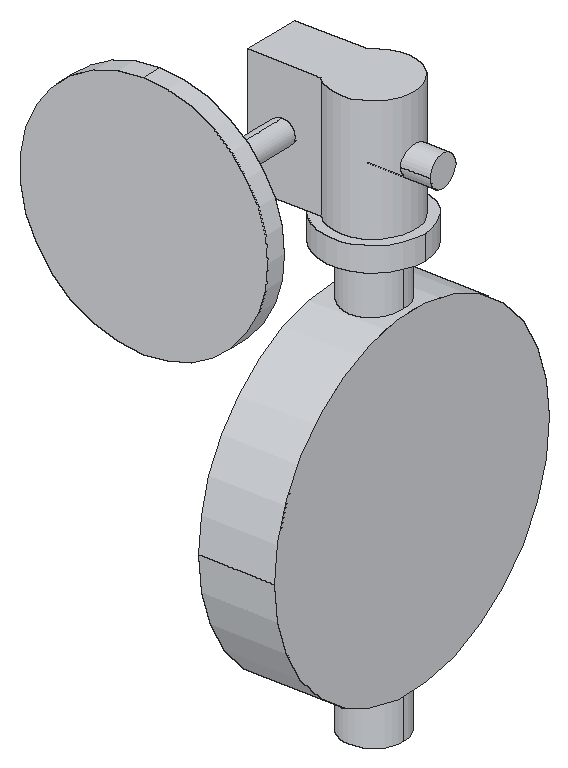
Revit family "HS497-68_disk-nerez_převodové kolo DN600-RFA_2018", category Pipe Accessories, Revit 2018
Family settings
  Round Connector Dimension = Use Diameter
  Part Type = Valve - Breaks Into
  Work Plane-Based = No
  Always vertical = Yes
  Cut with Voids When Loaded = No
  Shared = No
Parameters (values of type "HS 497-68_DN600_PN10_převodové kolo")
  magiProductId = "b1e26faab48a4c499f6bb11e7e3002"
  magiProductFamilyId = "53cea81e6f374d17b8841d9c72ad77"
  magiPartTypeId = 305
  isMeasuringValve [instance] = no
  ang2D [instance] = 0.00°
  X11 = 143.397 mm
  X1 = 59.397 mm
  W2D = 1000 mm
  VersionID = "2.0/2017.9.26.1/ZETKAMA_497_001"
  Use Minimum Symbol Size [instance] = yes
  URL = "http://www.hydronic.cz"
  Type Comments = "mezipřírubová; lnerezový disk; PN10; -10~+110°C (krátkodobě +120°C)"
  SW30 = yes
  SW3 = yes
  SW21 = no
  SW20 = no
  SW2 = no
  SW1 = no
  R = 300 mm
  QmdConnectorList = "301;D;302;D"
  Productdata [instance] = ""
  NC = 140 mm
  Manufacturer = "Hydronic Systems Prague s.r.o."
  MM20 = 59.397 mm
  MC Product Code = "126 600 (nerezový disk, s převodovým kolem; DN600; PN10, kvs36778)"
  M41 = 206.25 mm
  M4 = 137.5 mm
  LHL = 220 mm
  LHH3 = 2.45 mm
  LHH1 = 46.55 mm
  LH1 = 73.333 mm
  L4R__ve = -L4R  # -40.8 mm
  L4R = 40.8 mm
  L42__ve = -L42  # -306 mm
  L42 = 306 mm
  L41__ve = -L41  # -61.2 mm
  L41 = 61.2 mm
  L2D_Min = 3048 mm
  L2D = 216 mm
  L2 = 77 mm
  L1 = 123.2 mm
  L = 154 mm
  H = 80 mm
  G22 = 11.25 mm
  G2 = 22.5 mm
  G1 = 90 mm
  G = 210 mm
  F = 60 mm
  E44 = 125 mm
  E42 = 250 mm
  E4 = 500 mm
  E23 = 4.9 mm
  E22 = 19.6 mm
  E21 = 9.8 mm
  Description = "Mezipřírubová uzavírací klapka s převodovým kolem; nerezový disk, DN600; PN10; kvs36788"
  DR2 = 300 mm
  DR = 690 mm
  DD1 = 62.5 mm
  DD = 50 mm
  D = 600 mm
  CAT0 = yes
  B2__ve = -B2  # -140 mm
  B2 = 140 mm
  A2 = 49.4 mm
  A1 = 144.6 mm
Types (43, lengths in mm): name | magiProductId | X11 | X1 | Type Comments | SW30 | SW3 | SW20 | SW2 | SW1 | R | NC | Manufacturer | MM20 | MC Product Code | M41 | M4 | LHL | LHH3 | LHH1 | LH1 | L4R__ve | L4R | L42__ve | L42 | L41__ve | L41 | L2 | L1 | L | H | G | F | E44 | E42 | E4 | E23 | E22 | E21 | Description | DR2 | DR | DD1 | DD | D | B2__ve | B2 | A2 | A1
  HS 497-68_DN100_PN16_volné vřeteno | "65d1b245f4f142c78569c0602d5754" | 61.456 | 25.456 | "mezipřírubová; nerezový disk; PN16; -10~+110°C (krátkodobě +120°C)" | no | no | no | no | yes | 50 | 50 | "Hydronic Systems Prague s.r.o." | 25.456 | "124 100 (nerezový disk, s volným vřetenem; DN100; PN16, kvs512)" | 66 | 44 | 220 | 2.45 | 46.55 | 73.333 | -12.8 | 12.8 | -96 | 96 | -19.2 | 19.2 | 26 | 41.6 | 52 | 30 | 90 | 11 | 31.25 | 62.5 | 125 | 4.9 | 19.6 | 9.8 | "Mezipřírubová uzavírací klapka s volným vřetenem; nerezový disk, DN100; PN16; kvs512" | 50 | 147 | 15.625 | 12.5 | 100 | -56 | 56 | 16.5 | 98.5
  HS 497-68_DN100_PN16_převodové kolo | "11e91b807e674d428c8e796fcdcfe2" | 61.456 | 25.456 | "mezipřírubová; nerezový disk; PN16; -10~+110°C (krátkodobě +120°C)" | yes | yes | no | no | no | 50 | 50 | "Hydronic Systems Prague s.r.o." | 25.456 | "126 100 (nerezový disk, s převodovým kolem; DN100; PN16, kvs512)" | 65.25 | 43.5 | 220 | 2.45 | 46.55 | 73.333 | -12.8 | 12.8 | -96 | 96 | -19.2 | 19.2 | 26 | 41.6 | 52 | 30 | 90 | 11 | 31.25 | 62.5 | 125 | 4.9 | 19.6 | 9.8 | "Mezipřírubová uzavírací klapka s převodovým kolem; nerezový disk, DN100; PN16; kvs512" | 50 | 147 | 15.625 | 12.5 | 100 | -56 | 56 | 16.5 | 98.5
  HS 497-68_DN100_PN16_s pákou | "28172f0b3f4b47b28323ac71cf8749" | 61.456 | 25.456 | "mezipřírubová; nerezový disk; PN16; -10~+110°C (krátkodobě +120°C)" | no | no | yes | yes | no | 50 | 50 | "Hydronic Systems Prague s.r.o." | 25.456 | "121 100 (nerezový disk, s pákou; DN100; PN16, kvs512)" | 66 | 44 | 260 | 3 | 57 | 86.667 | -12.8 | 12.8 | -96 | 96 | -19.2 | 19.2 | 26 | 41.6 | 52 | 30 | 90 | 11 | 31.25 | 62.5 | 125 | 6 | 24 | 12 | "Mezipřírubová uzavírací klapka s pákou; nerezový disk, DN100; PN16; kvs512" | 50 | 147 | 15.625 | 12.5 | 100 | -56 | 56 | 16.5 | 98.5
  HS 497-68_DN125_PN16_volné vřeteno | "0d813d910fc14f628bb3c2efbd185c" | 61.456 | 25.456 | "mezipřírubová; nerezový disk; PN16; -10~+110°C (krátkodobě +120°C)" | no | no | no | no | yes | 62.5 | 50 | "Hydronic Systems Prague s.r.o." | 25.456 | "124 125 (nerezový disk, s volným vřetenem; DN125; PN16, kvs872)" | 66 | 44 | 220 | 2.45 | 46.55 | 73.333 | -12.8 | 12.8 | -96 | 96 | -19.2 | 19.2 | 28 | 44.8 | 56 | 33 | 90 | 14 | 31.25 | 62.5 | 125 | 4.9 | 19.6 | 9.8 | "Mezipřírubová uzavírací klapka s volným vřetenem; nerezový disk, DN125; PN16; kvs872" | 62.5 | 180 | 15.625 | 12.5 | 125 | -64 | 64 | 18 | 99.5
  HS 497-68_DN125_PN16_převodové kolo | "c56b7c13f372467684996fb1e0e229" | 61.456 | 25.456 | "mezipřírubová; nerezový disk; PN16; -10~+110°C (krátkodobě +120°C)" | yes | yes | no | no | no | 62.5 | 50 | "Hydronic Systems Prague s.r.o." | 25.456 | "126125 (nerezový disk, s převodovým kolem; DN125; PN16, kvs872)" | 65.25 | 43.5 | 220 | 2.45 | 46.55 | 73.333 | -13.5 | 13.5 | -101.25 | 101.25 | -20.25 | 20.25 | 28 | 44.8 | 56 | 33 | 90 | 14 | 40 | 80 | 160 | 4.9 | 19.6 | 9.8 | "Mezipřírubová uzavírací klapka s převodovým kolem; nerezový disk, DN125; PN16; kvs872" | 62.5 | 180 | 20 | 16 | 125 | -64 | 64 | 18 | 99.5
  HS 497-68_DN125_PN16_s pákou | "105993c79a91492399feef7931321a" | 61.456 | 25.456 | "mezipřírubová; nerezový disk; PN16; -10~+110°C (krátkodobě +120°C)" | no | no | yes | yes | no | 62.5 | 50 | "Hydronic Systems Prague s.r.o." | 25.456 | "121 125 (nerezový disk, s pákou; DN125; PN16, kvs872)" | 66 | 44 | 315 | 3.75 | 71.25 | 105 | -12.8 | 12.8 | -96 | 96 | -19.2 | 19.2 | 28 | 44.8 | 56 | 33 | 90 | 14 | 31.25 | 62.5 | 125 | 7.5 | 30 | 15 | "Mezipřírubová uzavírací klapka s pákou; nerezový disk, DN125; PN16; kvs872" | 62.5 | 180 | 15.625 | 12.5 | 125 | -64 | 64 | 18 | 99.5
  HS 497-68_DN150_PN16_volné vřeteno | "50c80cb8ab434f55ab7796e5ac1331" | 61.456 | 25.456 | "mezipřírubová; nerezový disk; PN16; -10~+110°C (krátkodobě +120°C)" | no | no | no | no | yes | 75 | 50 | "Hydronic Systems Prague s.r.o." | 25.456 | "124 150 (nerezový disk, s volným vřetenem; DN150; PN16, kvs1347)" | 66 | 44 | 220 | 2.45 | 46.55 | 73.333 | -12.8 | 12.8 | -96 | 96 | -19.2 | 19.2 | 28 | 44.8 | 56 | 33 | 90 | 14 | 31.25 | 62.5 | 125 | 4.9 | 19.6 | 9.8 | "Mezipřírubová uzavírací klapka s volným vřetenem; nerezový disk, DN150; PN16; kvs1347" | 75 | 206 | 15.625 | 12.5 | 150 | -58 | 58 | 19.3 | 98.7
  HS 497-68_DN150_PN16_převodové kolo | "d94a1a0cf83b476eb10011b327f709" | 61.456 | 25.456 | "mezipřírubová; nerezový disk; PN16; -10~+110°C (krátkodobě +120°C)" | yes | yes | no | no | no | 75 | 50 | "Hydronic Systems Prague s.r.o." | 25.456 | "126 150 (nerezový disk, s převodovým kolem; DN150; PN16, kvs1347)" | 65.25 | 43.5 | 220 | 2.45 | 46.55 | 73.333 | -13.5 | 13.5 | -101.25 | 101.25 | -20.25 | 20.25 | 28 | 44.8 | 56 | 33 | 90 | 14 | 40 | 80 | 160 | 4.9 | 19.6 | 9.8 | "Mezipřírubová uzavírací klapka s převodovým kolem; nerezový disk, DN150; PN16; kvs1347" | 75 | 206 | 20 | 16 | 150 | -58 | 58 | 19.3 | 98.7
  HS 497-68_DN150_PN16_s pákou | "4d2835523fe84828bc50ff0a5a0dfb" | 61.456 | 25.456 | "mezipřírubová; nerezový disk; PN16; -10~+110°C (krátkodobě +120°C)" | no | no | yes | yes | no | 75 | 50 | "Hydronic Systems Prague s.r.o." | 25.456 | "121 150 (nerezový disk, s pákou; DN150; PN16, kvs1347)" | 66 | 44 | 315 | 3.75 | 71.25 | 105 | -12.8 | 12.8 | -96 | 96 | -19.2 | 19.2 | 28 | 44.8 | 56 | 33 | 90 | 14 | 31.25 | 62.5 | 125 | 7.5 | 30 | 15 | "Mezipřírubová uzavírací klapka s pákou; nerezový disk, DN150; PN16; kvs1347" | 75 | 206 | 15.625 | 12.5 | 150 | -58 | 58 | 19.3 | 98.7
  HS 497-68_DN200_PN16_volné vřeteno | "5b29029eaeba47139ee1055a4b9201" | 61.456 | 25.456 | "mezipřírubová; nerezový disk; PN16; -10~+110°C (krátkodobě +120°C)" | no | no | no | no | yes | 100 | 50 | "Hydronic Systems Prague s.r.o." | 25.456 | "124 200 (nerezový disk, s volným vřetenem; DN200; PN16, kvs2675)" | 66 | 44 | 220 | 2.45 | 46.55 | 73.333 | -12.8 | 12.8 | -96 | 96 | -19.2 | 19.2 | 30 | 48 | 60 | 33 | 90 | 17 | 31.25 | 62.5 | 125 | 4.9 | 19.6 | 9.8 | "Mezipřírubová uzavírací klapka s volným vřetenem; nerezový disk, DN200; PN16; kvs2675" | 100 | 257 | 15.625 | 12.5 | 200 | -70 | 70 | 22.5 | 102.5
  HS 497-68_DN200_PN16_převodové kolo | "b2793cc1fcc44cf2a35062cd67c04f" | 61.456 | 25.456 | "mezipřírubová; nerezový disk; PN16; -10~+110°C (krátkodobě +120°C)" | yes | yes | no | no | no | 100 | 57 | "Hydronic Systems Prague s.r.o." | 25.456 | "126 200 (nerezový disk, s převodovým kolem; DN200; PN16, kvs2675)" | 78.75 | 52.5 | 220 | 2.45 | 46.55 | 73.333 | -15.2 | 15.2 | -114 | 114 | -22.8 | 22.8 | 30 | 48 | 60 | 33 | 90 | 17 | 50 | 100 | 200 | 4.9 | 19.6 | 9.8 | "Mezipřírubová uzavírací klapka s převodovým kolem; nerezový disk, DN200; PN16; kvs2675" | 100 | 257 | 25 | 20 | 200 | -70 | 70 | 22.5 | 102.5
  HS 497-68_DN200_PN16_s pákou | "f88d96c7af224537a51e72d7d8fffe" | 61.456 | 25.456 | "mezipřírubová; nerezový disk; PN16; -10~+110°C (krátkodobě +120°C)" | no | no | yes | yes | no | 100 | 50 | "Hydronic Systems Prague s.r.o." | 25.456 | "121 200 (nerezový disk, s pákou; DN200; PN16, kvs2675)" | 66 | 44 | 315 | 3.75 | 71.25 | 105 | -12.8 | 12.8 | -96 | 96 | -19.2 | 19.2 | 30 | 48 | 60 | 33 | 90 | 17 | 31.25 | 62.5 | 125 | 7.5 | 30 | 15 | "Mezipřírubová uzavírací klapka s pákou; nerezový disk, DN200; PN16; kvs2675" | 100 | 257 | 15.625 | 12.5 | 200 | -70 | 70 | 22.5 | 102.5
  HS 497-68_DN250_PN16_volné vřeteno | "b662e8305ca2402b9c510e66e6aa55" | 88.77 | 36.77 | "mezipřírubová; nerezový disk; PN16; -10~+110°C (krátkodobě +120°C)" | no | no | no | no | yes | 125 | 50 | "Hydronic Systems Prague s.r.o." | 36.77 | "124 250 (nerezový disk, s volným vřetenem; DN250; PN16, kvs4555)" | 66 | 44 | 220 | 2.45 | 46.55 | 73.333 | -12.8 | 12.8 | -96 | 96 | -19.2 | 19.2 | 34 | 54.4 | 68 | 23 | 130 | 22 | 31.25 | 62.5 | 125 | 4.9 | 19.6 | 9.8 | "Mezipřírubová uzavírací klapka s volným vřetenem; nerezový disk, DN250; PN16; kvs4555" | 125 | 324 | 15.625 | 12.5 | 250 | -85 | 85 | 28.25 | 129.25
  HS 497-68_DN250_PN16_převodové kolo | "5ee9016806664ddfaa2632711f295c" | 88.77 | 36.77 | "mezipřírubová; nerezový disk; PN16; -10~+110°C (krátkodobě +120°C)" | yes | yes | no | no | no | 125 | 70 | "Hydronic Systems Prague s.r.o." | 36.77 | "126 250 (nerezový disk, s převodovým kolem; DN250; PN16, kvs4555)" | 91.5 | 61 | 220 | 2.45 | 46.55 | 73.333 | -22.2 | 22.2 | -166.5 | 166.5 | -33.3 | 33.3 | 34 | 54.4 | 68 | 23 | 130 | 22 | 62.5 | 125 | 250 | 4.9 | 19.6 | 9.8 | "Mezipřírubová uzavírací klapka s převodovým kolem; nerezový disk, DN250; PN16; kvs4555" | 125 | 324 | 31.25 | 25 | 250 | -85 | 85 | 28.25 | 129.25
  HS 497-68_DN300_PN16_volné vřeteno | "e1886f51ff004380a649519258edf2" | 88.77 | 36.77 | "mezipřírubová; nerezový disk; PN16; -10~+110°C (krátkodobě +120°C)" | no | no | no | no | yes | 150 | 50 | "Hydronic Systems Prague s.r.o." | 36.77 | "124 300 (nerezový disk, s volným vřetenem; DN300; PN16, kvs7037)" | 66 | 44 | 220 | 2.45 | 46.55 | 73.333 | -12.8 | 12.8 | -96 | 96 | -19.2 | 19.2 | 39 | 62.4 | 78 | 23 | 130 | 22 | 31.25 | 62.5 | 125 | 4.9 | 19.6 | 9.8 | "Mezipřírubová uzavírací klapka s volným vřetenem; nerezový disk, DN300; PN16; kvs7037" | 150 | 376 | 15.625 | 12.5 | 300 | -90 | 90 | 30.8 | 127.2
  HS 497-68_DN300_PN16_převodové kolo | "6860f094f77d42088fbebc3c97f755" | 88.77 | 36.77 | "mezipřírubová; nerezový disk; PN16; -10~+110°C (krátkodobě +120°C)" | yes | yes | no | no | no | 150 | 70 | "Hydronic Systems Prague s.r.o." | 36.77 | "126 300 (nerezový disk, s převodovým kolem; DN300; PN16, kvs7037)" | 91.5 | 61 | 220 | 2.45 | 46.55 | 73.333 | -22.2 | 22.2 | -166.5 | 166.5 | -33.3 | 33.3 | 39 | 62.4 | 78 | 23 | 130 | 22 | 62.5 | 125 | 250 | 4.9 | 19.6 | 9.8 | "Mezipřírubová uzavírací klapka s převodovým kolem; nerezový disk, DN300; PN16; kvs7037" | 150 | 376 | 31.25 | 25 | 300 | -90 | 90 | 30.8 | 127.2
  HS 497-68_DN032_PN16_volné vřeteno | "8c5f65de52aa4067a77564107e31b2" | 61.456 | 25.456 | "mezipřírubová; nerezový disk; PN16; -10~+110°C (krátkodobě +120°C)" | no | no | no | no | yes | 16 | 50 | "Hydronic Systems Prague s.r.o." | 25.456 | "124 032 (nerezový disk, s volným vřetenem; DN32; PN16, kvs78)" | 66 | 44 | 220 | 2.45 | 46.55 | 73.333 | -12.8 | 12.8 | -96 | 96 | -19.2 | 19.2 | 16.5 | 26.4 | 33 | 30 | 90 | 11 | 31.25 | 62.5 | 125 | 4.9 | 19.6 | 9.8 | "Mezipřírubová uzavírací klapka s volným vřetenem; nerezový disk, DN32; PN16; kvs78" | 16 | 68 | 15.625 | 12.5 | 32 | -44.2 | 44.2 | 10.25 | 76.25
  HS 497-68_DN032_PN16_převodové kolo | "60aaeffa8b3a4e809ef000e4660060" | 61.456 | 25.456 | "mezipřírubová; nerezový disk; PN16; -10~+110°C (krátkodobě +120°C)" | yes | yes | no | no | no | 16 | 50 | "Hydronic Systems Prague s.r.o." | 25.456 | "126 032 (nerezový disk, s převodovým kolem; DN32; PN16, kvs78)" | 65.25 | 43.5 | 220 | 2.45 | 46.55 | 73.333 | -12.8 | 12.8 | -96 | 96 | -19.2 | 19.2 | 16.5 | 26.4 | 33 | 30 | 90 | 11 | 31.25 | 62.5 | 125 | 4.9 | 19.6 | 9.8 | "Mezipřírubová uzavírací klapka s převodovým kolem; nerezový disk, DN32; PN16; kvs78" | 16 | 68 | 15.625 | 12.5 | 32 | -44.2 | 44.2 | 10.25 | 76.25
  HS 497-68_DN032_PN16_s pákou | "9ad8088d610749a1b871aa2aad8007" | 61.456 | 25.456 | "mezipřírubová; nerezový disk; PN16; -10~+110°C (krátkodobě +120°C)" | no | no | yes | yes | no | 16 | 50 | "Hydronic Systems Prague s.r.o." | 25.456 | "121 032 (nerezový disk, s pákou; DN32; PN16, kvs78)" | 66 | 44 | 220 | 2.45 | 46.55 | 73.333 | -12.8 | 12.8 | -96 | 96 | -19.2 | 19.2 | 16.5 | 26.4 | 33 | 30 | 90 | 11 | 31.25 | 62.5 | 125 | 4.9 | 19.6 | 9.8 | "Mezipřírubová uzavírací klapka s pákou; nerezový disk, DN32; PN16; kvs78" | 16 | 68 | 15.625 | 12.5 | 32 | -44.2 | 44.2 | 10.25 | 76.25
  HS 497-68_DN350_PN10_volné vřeteno | "72a1e05f22944421b7e9596a877137" | 109.255 | 45.255 | "mezipřírubová; nerezový disk; PN10; -10~+110°C (krátkodobě +120°C)" | no | no | no | no | yes | 175 | 50 | "Hydronic Systems Prague s.r.o." | 45.255 | "124 350 (nerezový disk, s volným vřetenem; DN350; PN10, kvs10165)" | 66 | 44 | 220 | 2.45 | 46.55 | 73.333 | -12.8 | 12.8 | -96 | 96 | -19.2 | 19.2 | 39 | 62.4 | 78 | 31 | 160 | 22 | 31.25 | 62.5 | 125 | 4.9 | 19.6 | 9.8 | "Mezipřírubová uzavírací klapka s volným vřetenem; nerezový disk, DN350; PN10; kvs10165" | 175 | 430 | 15.625 | 12.5 | 350 | -88 | 88 | 33.85 | 129.65
  HS 497-68_DN350_PN10_převodové kolo | "a5a01426cb28494ba3afca92f1dace" | 109.255 | 45.255 | "mezipřírubová; nerezový disk; PN10; -10~+110°C (krátkodobě +120°C)" | yes | yes | no | no | no | 175 | 70 | "Hydronic Systems Prague s.r.o." | 45.255 | "126 350 (nerezový disk, s převodovým kolem; DN350; PN10, kvs10165)" | 91.5 | 61 | 220 | 2.45 | 46.55 | 73.333 | -22.2 | 22.2 | -166.5 | 166.5 | -33.3 | 33.3 | 39 | 62.4 | 78 | 31 | 160 | 22 | 62.5 | 125 | 250 | 4.9 | 19.6 | 9.8 | "Mezipřírubová uzavírací klapka s převodovým kolem; nerezový disk, DN350; PN10; kvs10165" | 175 | 430 | 31.25 | 25 | 350 | -88 | 88 | 33.85 | 129.65
  HS 497-68_DN400_PN10_volné vřeteno | "c70ebeb927c04ab99b176e257ad0a7" | 109.255 | 45.255 | "mezipřírubová; nerezový disk; PN10; -10~+110°C (krátkodobě +120°C)" | no | no | no | no | yes | 200 | 50 | "Hydronic Systems Prague s.r.o." | 45.255 | "124 400 (nerezový disk, s volným vřetenem; DN400; PN10, kvs13799)" | 66 | 44 | 220 | 2.45 | 46.55 | 73.333 | -12.8 | 12.8 | -96 | 96 | -19.2 | 19.2 | 51 | 81.6 | 102 | 31 | 160 | 27 | 31.25 | 62.5 | 125 | 4.9 | 19.6 | 9.8 | "Mezipřírubová uzavírací klapka s volným vřetenem; nerezový disk, DN400; PN10; kvs13799" | 200 | 485 | 15.625 | 12.5 | 400 | -108 | 108 | 38 | 142
  HS 497-68_DN400_PN10_převodové kolo | "cc64a4384dcb41b780d81810f4f293" | 109.255 | 45.255 | "mezipřírubová; nerezový disk; PN10; -10~+110°C (krátkodobě +120°C)" | yes | yes | no | no | no | 200 | 72.5 | "Hydronic Systems Prague s.r.o." | 45.255 | "126 400 (nerezový disk, s převodovým kolem; DN400; PN10, kvs13799)" | 103.5 | 69 | 220 | 2.45 | 46.55 | 73.333 | -27.8 | 27.8 | -208.5 | 208.5 | -41.7 | 41.7 | 51 | 81.6 | 102 | 31 | 160 | 27 | 75 | 150 | 300 | 4.9 | 19.6 | 9.8 | "Mezipřírubová uzavírací klapka s převodovým kolem; nerezový disk, DN400; PN10; kvs13799" | 200 | 485 | 37.5 | 30 | 400 | -108 | 108 | 38 | 142
  HS 497-68_DN040_PN16_volné vřeteno | "35f92312390745e88df5b5c325d9ee" | 61.456 | 25.456 | "mezipřírubová; nerezový disk; PN16; -10~+110°C (krátkodobě +120°C)" | no | no | no | no | yes | 20 | 50 | "Hydronic Systems Prague s.r.o." | 25.456 | "124 040 (nerezový disk, s volným vřetenem; DN40; PN16, kvs78)" | 66 | 44 | 220 | 2.45 | 46.55 | 73.333 | -12.8 | 12.8 | -96 | 96 | -19.2 | 19.2 | 16.5 | 26.4 | 33 | 30 | 90 | 11 | 31.25 | 62.5 | 125 | 4.9 | 19.6 | 9.8 | "Mezipřírubová uzavírací klapka s volným vřetenem; nerezový disk, DN40; PN16; kvs78" | 20 | 76 | 15.625 | 12.5 | 40 | -36 | 36 | 11 | 79
  HS 497-68_DN040_PN16_převodové kolo | "d88e968eae3445bc9b7b4e6ff35127" | 61.456 | 25.456 | "mezipřírubová; nerezový disk; PN16; -10~+110°C (krátkodobě +120°C)" | yes | yes | no | no | no | 20 | 50 | "Hydronic Systems Prague s.r.o." | 25.456 | "126 040 (nerezový disk, s převodovým kolem; DN40; PN16, kvs78)" | 65.25 | 43.5 | 220 | 2.45 | 46.55 | 73.333 | -12.8 | 12.8 | -96 | 96 | -19.2 | 19.2 | 16.5 | 26.4 | 33 | 30 | 90 | 11 | 31.25 | 62.5 | 125 | 4.9 | 19.6 | 9.8 | "Mezipřírubová uzavírací klapka s převodovým kolem; nerezový disk, DN40; PN16; kvs78" | 20 | 76 | 15.625 | 12.5 | 40 | -36 | 36 | 11 | 79
  HS 497-68_DN040_PN16_s pákou | "c1b522ca65b4407a98818f232eaacb" | 61.456 | 25.456 | "mezipřírubová; nerezový disk; PN16; -10~+110°C (krátkodobě +120°C)" | no | no | yes | yes | no | 20 | 50 | "Hydronic Systems Prague s.r.o." | 25.456 | "121 040 (nerezový disk, s pákou; DN40; PN16, kvs78)" | 66 | 44 | 220 | 2.45 | 46.55 | 73.333 | -12.8 | 12.8 | -96 | 96 | -19.2 | 19.2 | 16.5 | 26.4 | 33 | 30 | 90 | 11 | 31.25 | 62.5 | 125 | 4.9 | 19.6 | 9.8 | "Mezipřírubová uzavírací klapka s pákou; nerezový disk, DN40; PN16; kvs78" | 20 | 76 | 15.625 | 12.5 | 40 | -36 | 36 | 11 | 79
  HS 497-68_DN450_PN10_volné vřeteno | "a8358bc282f14872b3194e530e590a" | 129.74 | 53.74 | "mezipřírubová; nerezový disk; PN10; -10~+110°C (krátkodobě +120°C)" | no | no | no | no | yes | 225 | 50 | "Hydronic Systems Prague s.r.o." | 53.74 | "124 450 (nerezový disk, s volným vřetenem; DN450; PN10, kvs18514)" | 66 | 44 | 220 | 2.45 | 46.55 | 73.333 | -12.8 | 12.8 | -96 | 96 | -19.2 | 19.2 | 57 | 91.2 | 114 | 38 | 190 | 36 | 31.25 | 62.5 | 125 | 4.9 | 19.6 | 9.8 | "Mezipřírubová uzavírací klapka s volným vřetenem; nerezový, DN450; PN10; kvs18514" | 225 | 536 | 15.625 | 12.5 | 450 | -115 | 115 | 38.05 | 117.45
  HS 497-68_DN450_PN10_převodové kolo | "cdf2d80f54a9414f9cbe50647c0ebd" | 129.74 | 53.74 | "mezipřírubová; nerezový disk; PN10; -10~+110°C (krátkodobě +120°C)" | yes | yes | no | no | no | 225 | 91.5 | "Zetkama" | 53.74 | "126 450 (nerezový disk, s převodovým kolem; DN450; PN10, kvs18514)" | 144.75 | 96.5 | 220 | 2.45 | 46.55 | 73.333 | -32.1 | 32.1 | -240.75 | 240.75 | -48.15 | 48.15 | 57 | 91.2 | 114 | 38 | 190 | 36 | 100 | 200 | 400 | 4.9 | 19.6 | 9.8 | "Mezipřírubová uzavírací klapka s převodovým kolem; nerezový disk, DN450; PN10; kvs18514" | 225 | 536 | 50 | 40 | 450 | -115 | 115 | 38.05 | 117.45
  HS 497-68_DN500_PN10_volné vřeteno | "8c396e27bb2743f98f3c762b6517cd" | 143.397 | 59.397 | "mezipřírubová; nerezový disk; PN10; -10~+110°C (krátkodobě +120°C)" | no | no | no | no | yes | 250 | 50 | "Hydronic Systems Prague s.r.o." | 59.397 | "124 500 (nerezový disk, s volným vřetenem; DN500; PN10, kvs23805)" | 66 | 44 | 220 | 2.45 | 46.55 | 73.333 | -12.8 | 12.8 | -96 | 96 | -19.2 | 19.2 | 63.5 | 101.6 | 127 | 38 | 210 | 36 | 31.25 | 62.5 | 125 | 4.9 | 19.6 | 9.8 | "Mezipřírubová uzavírací klapka s volným vřetenem; nerezový disk, DN500; PN10; kvs23805" | 250 | 593 | 15.625 | 12.5 | 500 | -130 | 130 | 43.25 | 139.25
  HS 497-68_DN500_PN10_převodové kolo | "7647804f32e94cef828a7034a91a46" | 143.397 | 59.397 | "mezipřírubová; nerezový disk; PN10; -10~+110°C (krátkodobě +120°C)" | yes | yes | no | no | no | 250 | 91.5 | "Zetkama" | 59.397 | "126 500 (nerezový disk, s převodovým kolem; DN500; PN10, kvs23805)" | 144.75 | 96.5 | 220 | 2.45 | 46.55 | 73.333 | -32.1 | 32.1 | -240.75 | 240.75 | -48.15 | 48.15 | 63.5 | 101.6 | 127 | 38 | 210 | 36 | 100 | 200 | 400 | 4.9 | 19.6 | 9.8 | "Mezipřírubová uzavírací klapka s převodovým kolem; nerezový disk, DN500; PN10; kvs23805" | 250 | 593 | 50 | 40 | 500 | -130 | 130 | 43.25 | 139.25
  HS 497-68_DN050_volné vřeteno | "d71f296ecd6d4adf8f6e5d9853b4e0" | 61.456 | 25.456 | "mezipřírubová; nerezový disk; PN16; -10~+110°C (krátkodobě +120°C)" | no | no | no | no | yes | 25 | 50 | "Hydronic Systems Prague s.r.o." | 25.456 | "124 050 (nerezový disk, s volným vřetenem; DN50; PN16, kvs98)" | 66 | 44 | 220 | 2.45 | 46.55 | 73.333 | -12.8 | 12.8 | -96 | 96 | -19.2 | 19.2 | 21.5 | 34.4 | 43 | 30 | 90 | 11 | 31.25 | 62.5 | 125 | 4.9 | 19.6 | 9.8 | "Mezipřírubová uzavírací klapka s volným vřetenem; nerezový disk, DN50; PN16; kvs98" | 25 | 100 | 15.625 | 12.5 | 50 | -36.5 | 36.5 | 12 | 83
  HS 497-68_DN050_PN16_převodové kolo | "2fb080deeaed49c58418b94c1da5a4" | 61.456 | 25.456 | "mezipřírubová; nerezový disk; PN16; -10~+110°C (krátkodobě +120°C)" | yes | yes | no | no | no | 25 | 50 | "Hydronic Systems Prague s.r.o." | 25.456 | "126 050 (nerezový disk, s převodovým kolem; DN50; PN16, kvs98)" | 65.25 | 43.5 | 220 | 2.45 | 46.55 | 73.333 | -12.8 | 12.8 | -96 | 96 | -19.2 | 19.2 | 21.5 | 34.4 | 43 | 30 | 90 | 11 | 31.25 | 62.5 | 125 | 4.9 | 19.6 | 9.8 | "Mezipřírubová uzavírací klapka s převodovým kolem; nerezový disk, DN50; PN16; kvs98" | 25 | 100 | 15.625 | 12.5 | 50 | -36.5 | 36.5 | 12 | 83
  HS 497-68_DN050_PN16_s pákou | "dabc632061f94877a994b9b4e68112" | 61.456 | 25.456 | "mezipřírubová; nerezový disk; PN16; -10~+110°C (krátkodobě +120°C)" | no | no | yes | yes | no | 25 | 50 | "Hydronic Systems Prague s.r.o." | 25.456 | "121 050 (nerezový disk, s pákou; DN50; PN16, kvs98)" | 66 | 44 | 220 | 2.45 | 46.55 | 73.333 | -12.8 | 12.8 | -96 | 96 | -19.2 | 19.2 | 21.5 | 34.4 | 43 | 30 | 90 | 11 | 31.25 | 62.5 | 125 | 4.9 | 19.6 | 9.8 | "Mezipřírubová uzavírací klapka s pákou; nerezový disk, DN50; PN16; kvs98" | 25 | 100 | 15.625 | 12.5 | 50 | -36.5 | 36.5 | 12 | 83
  HS 497-68_DN600_PN10_volné vřeteno | "99d5892c14664fce81a7c5903f7711" | 143.397 | 59.397 | "mezipřírubová; nerezový disk; PN10; -10~+110°C (krátkodobě +120°C)" | no | no | no | no | yes | 300 | 50 | "Hydronic Systems Prague s.r.o." | 59.397 | "124 600 (nerezový disk, s volným vřetenem; DN600; PN10, kvs36778)" | 66 | 44 | 220 | 2.45 | 46.55 | 73.333 | -12.8 | 12.8 | -96 | 96 | -19.2 | 19.2 | 77 | 123.2 | 154 | 80 | 210 | 60 | 31.25 | 62.5 | 125 | 4.9 | 19.6 | 9.8 | "Mezipřírubová uzavírací klapka s volným vřetenem; nerezový disk, DN600; PN10; kvs36788" | 300 | 690 | 15.625 | 12.5 | 600 | -140 | 140 | 49.4 | 144.6
  HS 497-68_DN600_PN10_převodové kolo | "b1e26faab48a4c499f6bb11e7e3002" | 143.397 | 59.397 | "mezipřírubová; lnerezový disk; PN10; -10~+110°C (krátkodobě +120°C)" | yes | yes | no | no | no | 300 | 140 | "Hydronic Systems Prague s.r.o." | 59.397 | "126 600 (nerezový disk, s převodovým kolem; DN600; PN10, kvs36778)" | 206.25 | 137.5 | 220 | 2.45 | 46.55 | 73.333 | -40.8 | 40.8 | -306 | 306 | -61.2 | 61.2 | 77 | 123.2 | 154 | 80 | 210 | 60 | 125 | 250 | 500 | 4.9 | 19.6 | 9.8 | "Mezipřírubová uzavírací klapka s převodovým kolem; nerezový disk, DN600; PN10; kvs36788" | 300 | 690 | 62.5 | 50 | 600 | -140 | 140 | 49.4 | 144.6
  HS 497-68_DN065_PN16_volné vřeteno | "5e5e208646e34ec29f889baab5d08e" | 61.456 | 25.456 | "mezipřírubová; lnerezový disk; PN16; -10~+110°C (krátkodobě +120°C)" | no | no | no | no | yes | 32.5 | 50 | "Hydronic Systems Prague s.r.o." | 25.456 | "124 065 (nerezový disk, s volným vřetenem; DN65; PN16, kvs167)" | 66 | 44 | 220 | 2.45 | 46.55 | 73.333 | -12.8 | 12.8 | -96 | 96 | -19.2 | 19.2 | 23 | 36.8 | 46 | 30 | 90 | 11 | 31.25 | 62.5 | 125 | 4.9 | 19.6 | 9.8 | "Mezipřírubová uzavírací klapka s volným vřetenem; nerezový disk, DN65; PN16; kv167" | 32.5 | 108 | 15.625 | 12.5 | 65 | -36.5 | 36.5 | 13.5 | 89
  HS 497-68_DN065_PN16_převodové kolo | "654d74c8d15540b0bfe523d988ccb3" | 61.456 | 25.456 | "mezipřírubová; nerezový disk; PN16; -10~+110°C (krátkodobě +120°C)" | yes | yes | no | no | no | 32.5 | 50 | "Hydronic Systems Prague s.r.o." | 25.456 | "126 065 (nerezový disk, s převodovým kolem; DN65; PN16, kvs167)" | 65.25 | 43.5 | 220 | 2.45 | 46.55 | 73.333 | -12.8 | 12.8 | -96 | 96 | -19.2 | 19.2 | 23 | 36.8 | 46 | 30 | 90 | 11 | 31.25 | 62.5 | 125 | 4.9 | 19.6 | 9.8 | "Mezipřírubová uzavírací klapka s převodovým kolem; nerezový disk, DN65; PN16; kvs167" | 32.5 | 108 | 15.625 | 12.5 | 65 | -36.5 | 36.5 | 13.5 | 89
  HS 497-68_DN065_PN16_s pákou | "ebeb4b59db0641caaf6d6635ab37b9" | 61.456 | 25.456 | "mezipřírubová; nerezový disk; PN16; -10~+110°C (krátkodobě +120°C)" | no | no | yes | yes | no | 32.5 | 50 | "Hydronic Systems Prague s.r.o." | 25.456 | "121 065 (nerezový disk, s pákou; DN65; PN16, kvs167)" | 66 | 44 | 220 | 2.45 | 46.55 | 73.333 | -12.8 | 12.8 | -96 | 96 | -19.2 | 19.2 | 23 | 36.8 | 46 | 30 | 90 | 11 | 31.25 | 62.5 | 125 | 4.9 | 19.6 | 9.8 | "Mezipřírubová uzavírací klapka s pákou; nerezový disk, DN65; PN16; kvs167" | 32.5 | 108 | 15.625 | 12.5 | 65 | -36.5 | 36.5 | 13.5 | 89
  HS 497-68_DN080_PN16_volné vřeteno | "9e85c75c18654e1185a9c48ed6b00e" | 61.456 | 25.456 | "mezipřírubová; nerezový disk; PN16; -10~+110°C (krátkodobě +120°C)" | no | no | no | no | yes | 40 | 50 | "Hydronic Systems Prague s.r.o." | 25.456 | "124 080 (nerezový disk, s volným vřetenem; DN80; PN16, kvs258)" | 66 | 44 | 220 | 2.45 | 46.55 | 73.333 | -12.8 | 12.8 | -96 | 96 | -19.2 | 19.2 | 23 | 36.8 | 46 | 30 | 90 | 11 | 31.25 | 62.5 | 125 | 4.9 | 19.6 | 9.8 | "Mezipřírubová uzavírací klapka s volným vřetenem; nerezový disk, DN80; PN16; kvs258" | 40 | 124 | 15.625 | 12.5 | 80 | -54 | 54 | 14.1 | 86.9
  HS 497-68_DN080_PN16_převodové kolo | "5b3c8238c3d041e68c75b199e7ea46" | 61.456 | 25.456 | "mezipřírubová; nerezový disk; PN16; -10~+110°C (krátkodobě +120°C)" | yes | yes | no | no | no | 40 | 50 | "Hydronic Systems Prague s.r.o." | 25.456 | "126 080 (nerezový disk, s převodovým kolem; DN80; PN16, kvs258)" | 65.25 | 43.5 | 220 | 2.45 | 46.55 | 73.333 | -12.8 | 12.8 | -96 | 96 | -19.2 | 19.2 | 23 | 36.8 | 46 | 30 | 90 | 11 | 31.25 | 62.5 | 125 | 4.9 | 19.6 | 9.8 | "Mezipřírubová uzavírací klapka s převodovým kolem; nerezový disk, DN80; PN16; kvs258" | 40 | 124 | 15.625 | 12.5 | 80 | -54 | 54 | 14.1 | 86.9
  HS 497-68_DN080_PN16_s pákou | "e414795fab0f4eccb99bc3572c5477" | 61.456 | 25.456 | "mezipřírubová; nerezový disk; PN16; -10~+110°C (krátkodobě +120°C)" | no | no | yes | yes | no | 40 | 50 | "Hydronic Systems Prague s.r.o." | 25.456 | "121 080 (nerezový disk, s pákou; DN80; PN16, kvs258)" | 66 | 44 | 260 | 3 | 57 | 86.667 | -12.8 | 12.8 | -96 | 96 | -19.2 | 19.2 | 23 | 36.8 | 46 | 30 | 90 | 11 | 31.25 | 62.5 | 125 | 6 | 24 | 12 | "Mezipřírubová uzavírací klapka s pákou; nerezový disk, DN80; PN16; kvs258" | 40 | 124 | 15.625 | 12.5 | 80 | -54 | 54 | 14.1 | 86.9
  HS 497-68_DN250_PN16_s pákou | "" | 88.77 | 36.77 | "mezipřírubová; nerezový disk; PN16; -10~+110°C (krátkodobě +120°C)" | no | no | yes | yes | no | 125 | 70 | "Hydronic Systems Prague s.r.o." | 36.77 | "121 250 (nerezový disk, s ákou; DN250; PN16, kvs4555)" | 91.5 | 61 | 220 | 2.45 | 46.55 | 73.333 | -22.2 | 22.2 | -166.5 | 166.5 | -33.3 | 33.3 | 34 | 54.4 | 68 | 23 | 130 | 22 | 62.5 | 125 | 250 | 4.9 | 19.6 | 9.8 | "Mezipřírubová uzavírací klapka s pákou; nerezový disk, DN250; PN16; kvs4555" | 125 | 324 | 31.25 | 25 | 250 | -85 | 85 | 28.25 | 129.25
  HS 497-68_DN300_PN16_s pákou | "" | 88.77 | 36.77 | "mezipřírubová; nerezový disk; PN16; -10~+110°C (krátkodobě +120°C)" | no | no | yes | yes | no | 150 | 70 | "Hydronic Systems Prague s.r.o." | 36.77 | "121 300 (nerezový disk, s pákou; DN300; PN16, kvs7037)" | 91.5 | 61 | 220 | 2.45 | 46.55 | 73.333 | -22.2 | 22.2 | -166.5 | 166.5 | -33.3 | 33.3 | 39 | 62.4 | 78 | 23 | 130 | 22 | 62.5 | 125 | 250 | 4.9 | 19.6 | 9.8 | "Mezipřírubová uzavírací klapka s pákou; nerezový disk, DN300; PN16; kvs7037" | 150 | 376 | 31.25 | 25 | 300 | -90 | 90 | 30.8 | 127.2
Reference planes
  plane 1 "Center (Front/Back)": y = 0
  plane 2 "XYPLANE": z = 0
  plane 3 "Center (Left/Right)": x = 0
  plane 4 "473": x = -59.397
  plane 5 "472": x = -206.25
  plane 6 "471": y = -59.397
  plane 7 "470": y = 59.397
  plane 8 "469": x = -137.5
  plane 9 "468": y = -367.2
  plane 10 "467": y = -306
  plane 11 "466": z = 619
  plane 12 "465": z = 540.55
  plane 13 "464": y = 145.417
  plane 14 "463": z = 530.75
  plane 15 "462": z = 513.6
  plane 16 "461": z = 523.4
  plane 17 "460": y = 72.083
  plane 18 "459": x = -11.25
  plane 19 "458": x = 11.25
  plane 20 "457": y = -6.25
  plane 21 "456": x = -17.5
  plane 22 "455": x = 17.5
  plane 23 "454": z = 528.3
  plane 24 "453": y = 62.083
  plane 25 "452": y = -11.25
  plane 26 "451": x = -22.5
  plane 27 "450": x = 22.5
  plane 28 "449": z = 508.7
  plane 29 "448": z = 503.8
  plane 30 "447": z = -300
  plane 31 "446": z = 494
  plane 32 "445": z = 444.6
  plane 33 "444": z = 300
  plane 34 "443": x = 77
  plane 35 "442": x = -77
  plane 36 "441": z = 0
  plane 37 "440": y = 0
  plane 38 "439": x = 0
  plane 39 "438": z = 543
  plane 40 "437": z = 528.3
  plane 41 "436": x = 13.7
  plane 42 "435": x = -13.7
  plane 43 "434": y = 220
Forms (mm)
  Extrusion 1, solid, visible <- "SW3"
    sketch origin (-750, 0, 494) x (1, 0, 0) y (0, 1, 0)
      loop
        line (543.75, 59.397) -> (543.75, -59.397) -> (690.603, -59.397)
        arc (690.603, -59.397) -> (834, 0) -> (690.603, 59.397) r 84
        line (690.603, 59.397) -> (543.75, 59.397)
    from 0 to 250 <- "E42"
  Extrusion 2, solid, visible <- "SW30"
    sketch origin (0, -750, 0) x (0, 1, 0) y (0, 0, 1)
      loop
        circle (750, 619) r 31.25
    from 0 to 140 <- "NC"
  Extrusion 3, solid, visible <- "SW30"
    sketch origin (750, -367.2, 0) x (-1, 0, 0) y (0, 0, 1)
      loop
        circle (887.5, 619) r 250
    from 0 to -40.8 <- "L4R__ve"
  Extrusion 4, solid, visible <- "SW3"
    sketch origin (750, -306, 0) x (-1, 0, 0) y (0, 0, 1)
      loop
        circle (887.5, 619) r 31.25
    from 0 to -61.2 <- "L41__ve"
  Extrusion 5, solid, visible <- "SW30"
    sketch origin (750, 0, 0) x (-1, 0, 0) y (0, 0, 1)
      loop
        circle (887.5, 619) r 25
    from 0 to -306 <- "L42__ve"
  Blend 6, solid, visible <- "SW21"
    base sketch origin (750, 72.083, 0) x (-1, 0, 0) y (0, 0, 1)
      loop
        line (761.25, 523.4) -> (738.75, 523.4) -> (738.75, 513.6) -> (761.25, 513.6) -> (761.25, 523.4)
    top sketch origin (750, 72.083, 0) x (-1, 0, 0) y (0, 0, 1)
      loop
        line (761.25, 540.55) -> (738.75, 540.55) -> (738.75, 530.75) -> (761.25, 530.75) -> (761.25, 540.55)
    from 0 to 73.333
  Blend 7, solid, visible <- "SW21"
    base sketch origin (750, 62.083, 0) x (-1, 0, 0) y (0, 0, 1)
      loop
        line (761.25, 528.3) -> (738.75, 528.3) -> (738.75, 508.7) -> (761.25, 508.7) -> (761.25, 528.3)
    top sketch origin (750, 62.083, 0) x (-1, 0, 0) y (0, 0, 1)
      loop
        line (761.25, 523.4) -> (738.75, 523.4) -> (738.75, 513.6) -> (761.25, 513.6) -> (761.25, 523.4)
    from 0 to 10
  Blend 8, solid, visible <- "SW21"
    base sketch origin (-750, 0, 508.7) x (1, 0, 0) y (0, 1, 0)
      loop
        line (772.5, 62.083) -> (727.5, 62.083) -> (727.5, -11.25)
        arc (727.5, -11.25) -> (750, -31.25) -> (772.5, -11.25) r 22.656
        line (772.5, -11.25) -> (772.5, 62.083)
    top sketch origin (-750, 0, 508.7) x (1, 0, 0) y (0, 1, 0)
      loop
        line (767.5, 62.083) -> (732.5, 62.083) -> (732.5, -6.25)
        arc (732.5, -6.25) -> (750, -26.25) -> (767.5, -6.25) r 17.656
        line (767.5, -6.25) -> (767.5, 62.083)
    from 0 to 19.6
  Extrusion 9, solid, visible <- "SW2"
    sketch origin (-750, 0, 503.8) x (1, 0, 0) y (0, 1, 0)
      loop
        circle (750, 0) r 11.25
    from 0 to 4.9 <- "E23"
  Extrusion 10, solid, visible <- "SW2"
    sketch origin (-750, 0, 494) x (1, 0, 0) y (0, 1, 0)
      loop
        circle (750, 0) r 45
    from 0 to 9.8 <- "E21"
  Extrusion 11, solid, visible <- "CAT0"
    sketch origin (-750, 0, -300) x (1, 0, 0) y (0, 1, 0)
      loop
        circle (750, 0) r 61.6
    from 0 to -140 <- "B2__ve"
  Extrusion 12, solid, visible <- "CAT0"
    sketch origin (-750, 0, 444.6) x (1, 0, 0) y (0, 1, 0)
      loop
        circle (750, 0) r 105
    from 0 to 49.4 <- "A2"
  Extrusion 13, solid, visible <- "CAT0"
    sketch origin (-750, 0, 300) x (1, 0, 0) y (0, 1, 0)
      loop
        circle (750, 0) r 61.6
    from 0 to 144.6 <- "A1"
  Extrusion 14, solid, visible <- "CAT0"
    sketch origin (-77, -750, 0) x (0, 1, 0) y (0, 0, 1)
      loop
        circle (750, 0) r 345
    from 0 to 154 <- "L"
  Extrusion 15, solid, visible <- "SW1"
    sketch origin (-750, 0, 494) x (1, 0, 0) y (0, 1, 0)
      loop
        line (780, 30) -> (720, 30) -> (720, -30) -> (780, -30) -> (780, 30)
    from 0 to 80 <- "H"
  Blend 16, solid, visible <- "SW2"
    base sketch origin (750, 145.417, 0) x (-1, 0, 0) y (0, 0, 1)
      loop
        arc (763.7, 538) -> (762.236, 541.536) -> (758.7, 543) r 5
        line (758.7, 543) -> (741.3, 543)
        arc (741.3, 543) -> (737.764, 541.536) -> (736.3, 538) r 5
        line (736.3, 538) -> (736.3, 533.3)
        arc (736.3, 533.3) -> (737.764, 529.764) -> (741.3, 528.3) r 5
        line (741.3, 528.3) -> (758.7, 528.3)
        arc (758.7, 528.3) -> (762.236, 529.764) -> (763.7, 533.3) r 5
        line (763.7, 533.3) -> (763.7, 538)
    top sketch origin (750, 145.417, 0) x (-1, 0, 0) y (0, 0, 1)
      loop
        arc (763.7, 538) -> (762.236, 541.536) -> (758.7, 543) r 5
        line (758.7, 543) -> (741.3, 543)
        arc (741.3, 543) -> (737.764, 541.536) -> (736.3, 538) r 5
        line (736.3, 538) -> (736.3, 533.3)
        arc (736.3, 533.3) -> (737.764, 529.764) -> (741.3, 528.3) r 5
        line (741.3, 528.3) -> (758.7, 528.3)
        arc (758.7, 528.3) -> (762.236, 529.764) -> (763.7, 533.3) r 5
        line (763.7, 533.3) -> (763.7, 538)
    from 0 to 74.583
  Blend 17, solid, visible <- "SW20"
    base sketch origin (750, 145.417, 0) x (-1, 0, 0) y (0, 0, 1)
      loop
        line (763.7, 543) -> (736.3, 543) -> (736.3, 528.3) -> (763.7, 528.3) -> (763.7, 543)
    top sketch origin (750, 145.417, 0) x (-1, 0, 0) y (0, 0, 1)
      loop
        line (761.25, 528.3) -> (738.75, 528.3) -> (738.75, 508.7) -> (761.25, 508.7) -> (761.25, 528.3)
    from 0 to -83.333
  Extrusion 18, solid, visible <- "SW20"
    sketch origin (-750, 0, 508.7) x (1, 0, 0) y (0, 1, 0)
      loop
        line (772.5, 62.083) -> (727.5, 62.083) -> (727.5, -11.25)
        arc (727.5, -11.25) -> (750, -31.25) -> (772.5, -11.25) r 22.656
        line (772.5, -11.25) -> (772.5, 62.083)
    from 0 to 19.6 <- "E22"
  Extrusion 19, solid, not visible
    sketch origin (-77, -750, 0) x (0, 1, 0) y (0, 0, 1)
      loop
        circle (750, 0) r 10
    from 0 to 10
  Extrusion 20, solid, not visible
    sketch origin (77, -750, 0) x (0, 1, 0) y (0, 0, 1)
      loop
        circle (750, 0) r 10
    from 0 to -10
Lines and regions (mm)
  reference lines, not visible
    curve 1: circle (2, 2, 0) r 1 normal (0, 0, 1)
  reference lines
    curve 2: line (-59.397, -59.397, 494) -> (-59.397, 59.397, 494)
    curve 3: line (-17.5, -6.25, 508.7) -> (17.5, -6.25, 508.7)
    curve 4: line (-22.5, -11.25, 508.7) -> (22.5, -11.25, 508.7)
    curve 5: circle (0, 0, 494) r 1 normal (0, 0, 1)
    curve 6: line (-22.5, -11.25, 508.7) -> (22.5, -11.25, 508.7)
Dimensions and locks
  plane 1 "Center (Front/Back)" to curve 1 = 2 mm
  "X1": plane 3 "Center (Left/Right)" to plane 4 "473"
  "M41": plane 3 "Center (Left/Right)" to plane 5 "472"
  "MM20": plane 1 "Center (Front/Back)" to plane 6 "471"
  "MM20": plane 1 "Center (Front/Back)" to plane 7 "470"
  "M4": plane 3 "Center (Left/Right)" to plane 8 "469"
  "L41": plane 10 "467" to plane 9 "468"
  "L42": plane 1 "Center (Front/Back)" to plane 10 "467"
  "E44": plane 31 "446" to plane 11 "466"
  "LHH1": plane 31 "446" to plane 12 "465"
  "LH1": plane 17 "460" to plane 13 "464"
  "E21": plane 12 "465" to plane 14 "463"
  "E21": plane 16 "461" to plane 15 "462"
  "E23": plane 23 "454" to plane 16 "461"
  locked: plane 24 "453" to plane 17 "460" at 10
  "G22": plane 3 "Center (Left/Right)" to plane 18 "459"
  "G22": plane 3 "Center (Left/Right)" to plane 19 "458"
  locked: plane 25 "452" to plane 20 "457" at 5
  locked: plane 26 "451" to plane 21 "456" at 5
  locked: plane 27 "450" to plane 22 "455" at 5
  "E22": plane 28 "449" to plane 23 "454"
  "LH1": plane 25 "452" to plane 24 "453"
  "G22": plane 1 "Center (Front/Back)" to plane 25 "452"
  "G2": plane 3 "Center (Left/Right)" to plane 26 "451"
  "G2": plane 3 "Center (Left/Right)" to plane 27 "450"
  "E23": plane 29 "448" to plane 28 "449"
  "E21": plane 31 "446" to plane 29 "448"
  "R": plane 2 "XYPLANE" to plane 30 "447"
  "A2": plane 32 "445" to plane 31 "446"
  "A1": plane 33 "444" to plane 32 "445"
  "DR2": plane 2 "XYPLANE" to plane 33 "444"
  "L2": plane 3 "Center (Left/Right)" to plane 34 "443"
  "L2": plane 3 "Center (Left/Right)" to plane 35 "442"
  locked: plane 2 "XYPLANE" to plane 36 "441"
  locked: plane 1 "Center (Front/Back)" to plane 37 "440"
  locked: plane 3 "Center (Left/Right)" to plane 38 "439"
  "LHH3": plane 12 "465" to plane 39 "438"
  "LHH3": plane 14 "463" to plane 40 "437"
  "LHH3": plane 19 "458" to plane 41 "436"
  "LHH3": plane 18 "459" to plane 42 "435"
  "LHL": plane 1 "Center (Front/Back)" to plane 43 "434"
  "X11": curve 2 to Extrusion 1 sketch curve
  Extrusion 1 sketch curve to Extrusion 1 sketch curve = 0 mm  (x8)
  Blend 6 sketch curve to Blend 6 sketch curve = 0 mm  (x16)
  Blend 7 sketch curve to Blend 7 sketch curve = 0 mm  (x16)
  Blend 8 sketch curve to Blend 8 sketch curve = 0 mm  (x16)
  equal spacing: Extrusion 15 sketch curve, curve 5, Extrusion 15 sketch curve  (x2)
  "F": Extrusion 15 sketch curve to Extrusion 15 sketch curve  (x2)
  Blend 16 sketch curve to Blend 16 sketch curve = 0 mm  (x32)
  Blend 17 sketch curve to Blend 17 sketch curve = 0 mm  (x16)
  Extrusion 18 sketch curve to Extrusion 18 sketch curve = 0 mm  (x8)
  "DD1": diameter of Extrusion 2 sketch curve
  "E4": diameter of Extrusion 3 sketch curve
  "DD1": diameter of Extrusion 4 sketch curve
  "DD": diameter of Extrusion 5 sketch curve
  "G2": diameter of Extrusion 9 sketch curve
  "G1": diameter of Extrusion 10 sketch curve
  "L1": diameter of Extrusion 11 sketch curve
  "G": diameter of Extrusion 12 sketch curve
  "L1": diameter of Extrusion 13 sketch curve
  "DR": diameter of Extrusion 14 sketch curve
  radius of Blend 16 sketch curve = 5 mm  (x8)
  aligned and locked: level to plane 2 "XYPLANE"
  aligned and locked: Extrusion 1 sketch curve to plane 5 "472"
  aligned and locked: plane 7 "470" to Extrusion 1 sketch curve
  aligned and locked: plane 6 "471" to Extrusion 1 sketch curve
  aligned and locked: plane 5 "472" to Extrusion 1 sketch curve
  aligned and locked: plane 4 "473" to Extrusion 1 sketch curve  (x2)
  aligned and locked: plane 4 "473" to curve 2
  aligned and locked: plane 6 "471" to curve 2
  aligned and locked: plane 7 "470" to curve 2
  aligned and locked: Extrusion 1 sketch curve to plane 7 "470"
  aligned and locked: plane 11 "466" to Extrusion 2 sketch curve
  aligned and locked: plane 37 "440" to Extrusion 2 sketch curve
  aligned and locked: plane 8 "469" to Extrusion 3 sketch curve
  aligned and locked: plane 11 "466" to Extrusion 3 sketch curve
  aligned and locked: plane 8 "469" to Extrusion 4 sketch curve
  aligned and locked: plane 11 "466" to Extrusion 4 sketch curve
  aligned and locked: plane 8 "469" to Extrusion 5 sketch curve
  aligned and locked: plane 11 "466" to Extrusion 5 sketch curve
  aligned and locked: plane 12 "465" to Blend 6 sketch curve  (x2)
  aligned and locked: plane 18 "459" to Blend 6 sketch curve  (x4)
  aligned and locked: plane 19 "458" to Blend 6 sketch curve  (x4)
  aligned and locked: plane 14 "463" to Blend 6 sketch curve  (x2)
  aligned and locked: plane 16 "461" to Blend 6 sketch curve  (x2)
  aligned and locked: plane 15 "462" to Blend 6 sketch curve  (x2)
  aligned and locked: plane 13 "464" to Blend 6
  aligned and locked: plane 16 "461" to Blend 7 sketch curve  (x2)
  aligned and locked: plane 18 "459" to Blend 7 sketch curve  (x4)
  aligned and locked: plane 19 "458" to Blend 7 sketch curve  (x4)
  aligned and locked: plane 15 "462" to Blend 7 sketch curve  (x2)
  aligned and locked: plane 23 "454" to Blend 7 sketch curve  (x2)
  aligned and locked: plane 28 "449" to Blend 7 sketch curve  (x2)
  aligned and locked: plane 17 "460" to Blend 7
  aligned and locked: plane 24 "453" to Blend 8 sketch curve  (x4)
  aligned and locked: plane 22 "455" to Blend 8 sketch curve  (x2)
  aligned and locked: plane 21 "456" to Blend 8 sketch curve
  aligned and locked: plane 20 "457" to Blend 8 sketch curve  (x2)
  aligned and locked: curve 3 to plane 20 "457"
  aligned and locked: plane 21 "456" to curve 3
  aligned and locked: plane 22 "455" to curve 3
  aligned and locked: plane 27 "450" to Blend 8 sketch curve  (x2)
  aligned and locked: plane 26 "451" to Blend 8 sketch curve
  aligned and locked: plane 25 "452" to Blend 8 sketch curve  (x2)
  aligned and locked: curve 4 to plane 25 "452"
  aligned and locked: plane 26 "451" to curve 4
  aligned and locked: plane 27 "450" to curve 4
  aligned and locked: plane 23 "454" to Blend 8
  aligned and locked: plane 37 "440" to Extrusion 9 sketch curve
  aligned and locked: plane 38 "439" to Extrusion 9 sketch curve
  aligned and locked: plane 37 "440" to Extrusion 10 sketch curve
  aligned and locked: plane 38 "439" to Extrusion 10 sketch curve
  aligned and locked: plane 37 "440" to Extrusion 11 sketch curve
  aligned and locked: plane 38 "439" to Extrusion 11 sketch curve
  aligned and locked: plane 37 "440" to Extrusion 12 sketch curve
  aligned and locked: plane 38 "439" to Extrusion 12 sketch curve
  aligned and locked: plane 37 "440" to Extrusion 13 sketch curve
  aligned and locked: plane 38 "439" to Extrusion 13 sketch curve
  aligned and locked: plane 36 "441" to Extrusion 14 sketch curve
  aligned and locked: Extrusion 14 sketch curve to plane 37 "440"
  aligned and locked: plane 37 "440" to curve 5
  aligned and locked: plane 38 "439" to curve 5
  aligned and locked: plane 39 "438" to Blend 16 sketch curve  (x2)
  aligned and locked: plane 41 "436" to Blend 16 sketch curve  (x2)
  aligned and locked: Blend 16 sketch curve to plane 40 "437"  (x2)
  aligned and locked: Blend 16 sketch curve to plane 42 "435"  (x2)
  aligned and locked: plane 43 "434" to Blend 16
  aligned and locked: plane 23 "454" to Blend 17 sketch curve  (x2)
  aligned and locked: plane 18 "459" to Blend 17 sketch curve  (x2)
  aligned and locked: plane 19 "458" to Blend 17 sketch curve  (x2)
  aligned and locked: plane 28 "449" to Blend 17 sketch curve  (x2)
  aligned and locked: plane 39 "438" to Blend 17 sketch curve  (x2)
  aligned and locked: plane 42 "435" to Blend 17 sketch curve  (x2)
  aligned and locked: plane 41 "436" to Blend 17 sketch curve  (x2)
  aligned and locked: plane 40 "437" to Blend 17 sketch curve  (x2)
  aligned and locked: Blend 17 to plane 24 "453"
  aligned and locked: plane 24 "453" to Extrusion 18 sketch curve  (x2)
  aligned and locked: plane 27 "450" to Extrusion 18 sketch curve  (x2)
  aligned and locked: plane 26 "451" to Extrusion 18 sketch curve
  aligned and locked: plane 25 "452" to Extrusion 18 sketch curve  (x2)
  aligned and locked: curve 6 to plane 25 "452"
  aligned and locked: plane 26 "451" to curve 6
  aligned and locked: plane 27 "450" to curve 6
  aligned and locked: plane 36 "441" to Extrusion 19 sketch curve
  aligned and locked: Extrusion 19 sketch curve to plane 37 "440"
  aligned and locked: plane 36 "441" to Extrusion 20 sketch curve
  aligned and locked: Extrusion 20 sketch curve to plane 37 "440"
Automatic sketch dimensions
  Blend 8 sketch curve to plane 20 "457" = 2.344 mm  (x2)
  Extrusion 18 sketch curve to plane 20 "457" = 2.344 mm
  plane 25 "452" to Extrusion 19 sketch curve = 1.25 mm
  plane 25 "452" to Extrusion 20 sketch curve = 1.25 mm
  plane 3 "Center (Left/Right)" to curve 1 = 2 mm
  Extrusion 15 sketch curve to plane 3 "Center (Left/Right)" = 30 mm
  Extrusion 15 sketch curve to plane 20 "457" = 23.75 mm
  radius of curve 5 = 1 mm
  radius of curve 1 = 1 mm
Connectors
  piping at (-77, 0, 0), diameter 600, driven by "D"
    settings: on Extrusion 19, index 1, connector inside diameter 609.6 mm, connector length 0 mm, flow factor 0, pipe flow 0.0 L/s, pressure drop 0.0 Pa, fitting loss kfactor 0, connector angle 0.00°, fixture units 0, engagement length 0 mm, angle of deflection 0.00°, flow configuration 0, flow direction 0, fitting loss method 0, system type 29, joint type 0, gender type 0, connector reference index 2, connector utility 0, adjustable connector no, is connector primary yes, connector description ""
  piping at (77, 0, 0), diameter 600, driven by "D"
    settings: on Extrusion 20, index 2, connector inside diameter 609.6 mm, connector length 0 mm, flow factor 0, pipe flow 0.0 L/s, pressure drop 0.0 Pa, fitting loss kfactor 0, connector angle 0.00°, fixture units 0, engagement length 0 mm, angle of deflection 0.00°, flow configuration 0, flow direction 0, fitting loss method 0, system type 29, joint type 0, gender type 0, connector reference index 1, connector utility 0, adjustable connector no, is connector primary no, connector description ""
